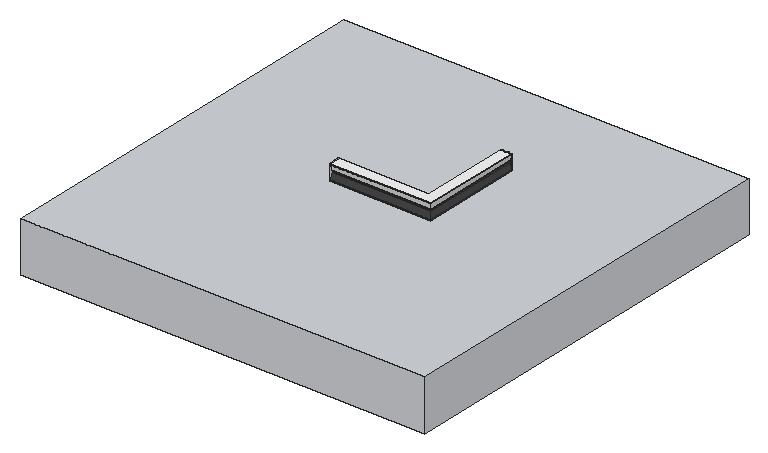
Revit family "en-halla-sant-corner-surfacerfa", category Осветительные приборы, Revit 2017
Family settings
  Основа = Грань
  Размер круглого соединителя = Использовать диаметр
  Тип детали = Нормальный
  Номер OmniClass = 23.80.70.11.11
  Заголовок OmniClass = General Luminaries, Non Directional
  При загрузке вырезать с полостями = Нет
  Источник света = Нет
  Общий = Нет
  Точка расчета площади = Нет
Parameters
  Profile width = 66 mm  # constant formula
  Shape thickness = 4 mm  # constant formula
  Полная установленная мощность = Power input  # 84 VA
  Youtube clip = ""
  Weight Net (Kg) = "0"
  Изготовитель = "HALLA"  # constant formula
  Default Elevation = 0 mm
  Voltage = ""
  Uniclass 2.0 Description = "Luminaires And Lamps"
  Uniclass 2.0 Code = "PR-49"
  Uniclass 1.4 Description = "Luminaires and lamps"
  Uniclass 1.4 Code = "JY73"
  URL = "http://www.halla.cz"
  UNSPSC Code = "3911"
  Technical description = ""
  Switched on [instance] = yes
  Switched off [instance] = not(Switched on)  # no
  Joint [instance] = not([Accessory - left end cap])  # no
  Source used = ""
  Source type = ""
  Shape of luminaire = ""
  Region South America = "All"
  Region Oceania = "All"
  Region North America = "All"
  Region Middle East = "All"
  Region Europe = "All"
  Region Asia = "All"
  Region Antarctica = "All"
  Region Africa = "All"
  QR code = "http://file-system.ru/catalog/zdaniya_i_sooruzheniya/interer/osveshchenie/halla_sant_svetilnik_uglovoy/"
  Accessory - right end cap [instance] = yes
  Accessory - left end cap [instance] = yes
  Accessory - end cap [instance] = SANT accessory - end cap : 132-0003, B - black
  Protection class = ""
  Product group = "Sant"
  Product family = "Indoor Luminaires"
  Product data url = ""
  Product code = ""
  Product certification = ""
  Product URL = ""
  Product SKU = "sant_corner"
  Price (EUR) = 0
  Power input = 84 W
  Description = ""
  Optics type = ""
  Connection distance = 14 mm  # constant formula
  Number of sources = 1
  Nominal width = "604.00"
  Nominal height = "92.00"
  NBS Reference Description = "Luminaires And Lamps"
  NBS Reference Code = "49"
  Model = ""
  Material secondary = ""
  Material of luminaire = "Hliník"
  Material main = "Aluminium"
  Manufacturer name = "HALLA"
  Manufacturer country = "Czech Republic"
  Lighting width = 610 mm
  Lighting length = 610 mm
  Lighting height = 92 mm
  Lighting dimensions = ""
  LED source = yes
  Installation instructions = ""
  Installation instruction = ""
  Initial intensity = ""
  Initial colour = ""
  IP Code = ""
  IFC Classification = "Light Fixture"
  Frequency = ""
  Energy class = ""
  Electric potential = 230 V  # constant formula
  Код по классификатору = "D5020230"
  Edition number = "1"
  EAN code = ""
  EAN = ""
  Lighting surface length = Lighting length - 2 * Shape thickness  # 602 mm
  Distribution = ""
  Designer = ""
  Design country = "Czech Republic"
  Depth = "604.00"
  Date of publishing = "2014-12-15"
  Data sheet = ""
  Control gear option = ""
  Colour of luminaire = Aluminium - black
  COBIe Type Category = ""
Reference planes
  plane 1 "Střed (vpředu/vzadu)": y = 0
  plane 2: z = 0
  plane 3 "Střed (vlevo/vpravo)": x = 0
  plane 4 "BP_Světlo spodní": z = 5
  plane 5 "BP_Světlo horní": z = 97
  plane 6: x = -307
  plane 7: x = 307
  plane 8 "BP_Zdroj světla": z = 51
  plane 9 "BP_Napojení horní": y = 33
  plane 10: y = -33
  plane 11: x = -303
  plane 12 "Spoj": z = 9
  plane 13: y = 577
  plane 14: y = 581
  plane 15: x = 241
  plane 16: x = 274
Forms (mm)
  Extrusion 1, solid
    sketch origin (0, 0, 0) x (1, 0, 0) y (0, 1, 0)
      loop
        line (-1219.2, 1219.2) -> (-1219.2, -1219.2) -> (1219.2, -1219.2) -> (1219.2, 1219.2) -> (-1219.2, 1219.2)
    from 0 to -304.8
  Sweep 2, solid, material "Diffuser - light switched on", visible <- "Switched off"
    path origin (0, 222.5, 97) x (0, 1, 0) y (-1, 0, 0)
      loop
        line (-255.5, 303) -> (-255.5, -307) -> (354.5, -307)
    profile origin (2, -33, 97) x (0, 1, 0) y (0, 0, 1)
      loop
        line (0, -4.001) -> (13.407, -39.396)
        arc (13.407, -39.396) -> (14.282, -42.644) -> (14.5, -46) r 17.01
        line (14.5, -46) -> (51.5, -46)
        arc (51.5, -46) -> (51.718, -42.644) -> (52.593, -39.396) r 17.01
        line (52.593, -39.396) -> (66, -4.001) -> (66, 0) -> (0, 0) -> (0, -4.001)
  Sweep 3, solid, material "Diffuser - light switched off", visible <- "Switched on"
    path origin (0, 222.5, 97) x (0, 1, 0) y (-1, 0, 0)
      loop
        line (-255.5, 303) -> (-255.5, -307) -> (354.5, -307)
    profile origin (2, -33, 97) x (0, 1, 0) y (0, 0, 1)
      loop
        line (0, -4.001) -> (13.407, -39.396)
        arc (13.407, -39.396) -> (14.282, -42.644) -> (14.5, -46) r 17.01
        line (14.5, -46) -> (51.5, -46)
        arc (51.5, -46) -> (51.718, -42.644) -> (52.593, -39.396) r 17.01
        line (52.593, -39.396) -> (66, -4.001) -> (66, 0) -> (0, 0) -> (0, -4.001)
  Sweep 4, solid, material "Aluminium - black" <- "Colour of luminaire"
    path origin (0, 222.5, 97) x (0, 1, 0) y (-1, 0, 0)
      loop
        line (-255.5, 303) -> (-255.5, -307) -> (354.5, -307)
    profile origin (2, -33, 97) x (0, 1, 0) y (0, 0, 1)
      loop
        line (13.282, -51.817) -> (0, -88) -> (0, -92) -> (66, -92) -> (66, -88) -> (52.718, -51.817)
        arc (52.718, -51.817) -> (51.897, -48.953) -> (51.5, -46) r 20.5
        line (51.5, -46) -> (14.5, -46)
        arc (14.5, -46) -> (14.103, -48.953) -> (13.282, -51.817) r 20.5
Dimensions and locks
  equal spacing: plane 6, plane 3 "Střed (vlevo/vpravo)", plane 7
  "Shape thickness": plane 6 to plane 11
  "Profile width": plane 9 "BP_Napojení horní" to plane 10
  equal spacing: plane 5 "BP_Světlo horní", plane 8 "BP_Zdroj světla", plane 4 "BP_Světlo spodní"
  locked: plane 4 "BP_Světlo spodní" to Extrusion 1 at 5
  "Lighting height": plane 5 "BP_Světlo horní" to plane 4 "BP_Světlo spodní"
  connector elem to plane 1 "Střed (vpředu/vzadu)" = 62.913 mm
  plane 12 "Spoj" to plane 4 "BP_Světlo spodní" = 4 mm
  "Lighting length": plane 11 to plane 7
  "Shape thickness": plane 14 to plane 13
  "Profile width": plane 15 to plane 7
  equal spacing: plane 15, plane 16, plane 7
  aligned and locked: plane 2 to Extrusion 1
  aligned and locked: level to Extrusion 1
  aligned and locked: plane 11 to nested 1
  aligned and locked: nested 1 to plane 1 "Střed (vpředu/vzadu)"
  aligned and locked: plane 16 to nested 2
  aligned and locked: plane 16 to nested 6
  aligned and locked: plane 1 "Střed (vpředu/vzadu)" to nested 6
Automatic sketch dimensions
  Extrusion 1 sketch curve to Extrusion 1 sketch curve = 2438.4 mm  (x2)
  Sweep 2 sketch curve to plane 7 = 0 mm
  Sweep 2 sketch curve to plane 10 = 0 mm
  Sweep 2 sketch curve to plane 13 = 0 mm
  Sweep 2 sketch curve to plane 11 = 0 mm
  Sweep 2 sketch curve to plane 5 "BP_Světlo horní" = 0 mm
  Sweep 2 sketch curve to profile plane = 0 mm
  profile plane to Sweep 2 sketch curve = 2.5 mm
  Sweep 2 sketch curve to profile plane = 13.407 mm
  Sweep 2 sketch curve to Sweep 2 sketch curve = 1.093 mm  (x2)
  Sweep 2 sketch curve to Sweep 2 sketch curve = 37 mm
  Sweep 2 sketch curve to plane 5 "BP_Světlo horní" = 39.396 mm
  Sweep 2 sketch curve to Sweep 2 sketch curve = 13.407 mm
  Sweep 2 sketch curve to Sweep 2 sketch curve = 17 mm
  Sweep 2 sketch curve to Sweep 2 sketch curve = 0 mm
  Sweep 2 sketch curve to Sweep 2 sketch curve = 6.025 mm
  Sweep 2 sketch curve to Sweep 2 sketch curve = 4.001 mm  (x2)
  Sweep 3 sketch curve to plane 7 = 0 mm
  Sweep 3 sketch curve to plane 10 = 0 mm
  Sweep 3 sketch curve to plane 13 = 0 mm
  Sweep 3 sketch curve to plane 11 = 0 mm
  Sweep 3 sketch curve to plane 5 "BP_Světlo horní" = 0 mm
  Sweep 3 sketch curve to profile plane = 0 mm
  profile plane to Sweep 3 sketch curve = 2.5 mm
  Sweep 3 sketch curve to profile plane = 13.407 mm
  Sweep 3 sketch curve to Sweep 3 sketch curve = 1.093 mm  (x2)
  Sweep 3 sketch curve to Sweep 3 sketch curve = 37 mm
  Sweep 3 sketch curve to plane 5 "BP_Světlo horní" = 39.396 mm
  Sweep 3 sketch curve to Sweep 3 sketch curve = 13.407 mm
  Sweep 3 sketch curve to Sweep 3 sketch curve = 15.907 mm
  Sweep 3 sketch curve to Sweep 3 sketch curve = 0 mm
  Sweep 3 sketch curve to Sweep 3 sketch curve = 6.025 mm
  Sweep 3 sketch curve to Sweep 3 sketch curve = 4.001 mm  (x2)
  Sweep 4 sketch curve to plane 7 = 0 mm
  Sweep 4 sketch curve to plane 10 = 0 mm
  Sweep 4 sketch curve to plane 13 = 0 mm
  Sweep 4 sketch curve to plane 11 = 0 mm
  Sweep 4 sketch curve to profile plane = 0 mm
  profile plane to Sweep 4 sketch curve = 5.962 mm
  Sweep 4 sketch curve to profile plane = 13.282 mm
  Sweep 4 sketch curve to Sweep 4 sketch curve = 1.218 mm  (x2)
  Sweep 4 sketch curve to Sweep 4 sketch curve = 37 mm
  Sweep 4 sketch curve to Sweep 4 sketch curve = 13.282 mm
  Sweep 4 sketch curve to Sweep 4 sketch curve = 19.244 mm
  Sweep 4 sketch curve to plane 5 "BP_Světlo horní" = 92 mm
  Sweep 4 sketch curve to Sweep 4 sketch curve = 4 mm  (x2)
  Sweep 4 sketch curve to Sweep 4 sketch curve = 36.183 mm  (x2)
  Sweep 4 sketch curve to Sweep 4 sketch curve = 5.817 mm
Nested families
  nested 1: "SANT accessory - end cap" at (-303, 0, 0) x (-1, 0, 0) z (0, 0, 1), type <- "Accessory - end cap", visible <- "Accessory - left end cap", type "132-0003, B - black"
    with Výška zavěšení 5 mm
  nested 2: "SANT accessory - end cap" at (274, 577, 0) x (0, 1, 0) z (0, 0, 1), visible <- "Accessory - right end cap", type <- "Accessory - end cap", type "132-0003, B - black"
    with Výška zavěšení 5 mm
  nested 3: "SANT accessory - direct joint" at (-303, 0, 9), visible <- "Joint", type "132-0009, F"
  nested 4: "SANT - source" at (2, 0, 97.1) x (0, 1, 0) z (0, 0, 1), type "SANT - source"
  nested 5: "SANT - source" at (274, 272, 97.1), type "SANT - source"
  nested 6: "SANT accessory - wall fastening" at (274, 0, 0), type "132-0005, F"
Connectors
  electrical at (274.185, 62.913, 0), driven by "Полная установленная мощность", driven by "Electric potential", driven by "Полная установленная мощность"
    settings: index 1, voltage 230 V, apparent load 84 VA, apparent load phase1 84 VA, apparent load phase2 0 VA, apparent load phase3 0 VA, power factor 1, load classification "Osvětlení", number of poles 1, system type 30, power factor state 0, is connector primary yes, connector utility no, sub classification motor no, connector description ""
Definition of nested family "SANT accessory - end cap"
  Parameters
    Výška zavěšení [instance] = 500 mm
    Manufacturer = "HALLA"  # constant formula
    Default Elevation = 0 mm
    URL = "http.//www.halla.cz"
    Description = ""
    Model = ""
    Assembly Code = "D5020200"
    Keynote = ""
    Barva svítidla = none
  Reference planes
    plane 1 "Střed (vpředu/vzadu)": y = 0
    plane 2: z = 0
    plane 3 "Střed (vlevo/vpravo)": x = 0
    plane 4: z = 500
    plane 5: z = 592
    plane 6: x = 4
  Forms (mm)
    Extrusion 1, solid, material <- "Barva svítidla"
      sketch origin (0, 0, 0) x (0, 1, 0) y (0, 0, 1)
        loop
          line (0, 592) -> (-33, 592) -> (-33, 500) -> (33, 500) -> (33, 592) -> (0, 592)
      from 0 to 4
    Sweep 2, void
      path in 3D
        loop
          line (4, -33, 500) -> (4, 33, 500) -> (4, 33, 592) -> (4, 0, 592) -> (4, -33, 592) -> (4, -33, 500)
      profile "Profil_čtvrtkruhový_XF : Profil_čtvrtkruhový_XF" origin (4, -33, 546) x (0, 1, 0) y (1, 0, 0)
        loop
          line (0, 0) -> (0, -4)
          arc (0, -4) -> (1.172, -1.172) -> (4, 0) r 4
          line (4, 0) -> (0, 0)
  Cuts and joins
    Sweep 2 cuts Extrusion 1
  Lines and regions (mm)
    sketch lines
      curve 1: line (4, -33, 592) -> (4, -33, 500)
      curve 2: line (4, 0, 592) -> (4, -33, 592)
      curve 3: line (4, -33, 500) -> (4, 33, 500)
      curve 4: line (4, 33, 500) -> (4, 33, 592)
      curve 5: line (4, 33, 592) -> (4, 0, 592)
  Dimensions and locks
    "Výška zavěšení": plane 4 to level
    plane 5 to plane 4 = 92 mm
    aligned and locked: level to plane 2
    aligned and locked: Extrusion 1 to plane 6
  Automatic sketch dimensions
    Extrusion 1 sketch curve to plane 4 = 0 mm
    Extrusion 1 sketch curve to plane 1 "Střed (vpředu/vzadu)" = 0 mm
    Extrusion 1 sketch curve to plane 5 = 0 mm
    plane 1 "Střed (vpředu/vzadu)" to Extrusion 1 sketch curve = 33 mm
    Extrusion 1 sketch curve to plane 1 "Střed (vpředu/vzadu)" = 33 mm
Definition of nested family "SANT accessory - direct joint"
  Parameters
    Manufacturer = "HALLA"  # constant formula
    Default Elevation = 0 mm
    URL = "http.//www.halla.cz"
    Description = ""
    Model = ""
    Assembly Code = "D5020200"
    Keynote = ""
    Barva svítidla = none
  Reference planes
    plane 1 "Střed (vpředu/vzadu)": y = 0
    plane 2: z = 0
    plane 3 "Střed (vlevo/vpravo)": x = 0
    plane 4: y = -2.001
    plane 5: y = 2.001
  Forms (mm)
    Extrusion 1, solid
      sketch origin (0, 0, 0) x (1, 0, 0) y (0, 1, 0)
        loop
          line (-20.046, 10.047) -> (-20.046, -10.047) -> (20.046, -10.047) -> (20.046, 10.047) -> (-20.046, 10.047)
      from 0 to 2
  Dimensions and locks
    aligned and locked: level to plane 2
Definition of nested family "SANT accessory - wall fastening"
  Parameters
    Manufacturer = "HALLA"  # constant formula
    Default Elevation = 0 mm
    URL = "http.//www.halla.cz"
    Description = ""
    Model = ""
    Assembly Code = "D5020200"
    Keynote = ""
    Barva svítidla = none
  Reference planes
    plane 1 "Střed (vpředu/vzadu)": y = 0
    plane 2: z = 0
    plane 3 "Střed (vlevo/vpravo)": x = 0
  Forms (mm)
    Extrusion 1, solid
      sketch origin (0, 0, 0) x (1, 0, 0) y (0, 1, 0)
        loop
          line (-20.046, 10.047) -> (-20.046, -10.047) -> (20.046, -10.047) -> (20.046, 10.047) -> (-20.046, 10.047)
      from 0 to 5
  Dimensions and locks
    aligned and locked: level to plane 2
Definition of nested family "SANT - source"
  Parameters
    Tilt Angle = -90.00°
    Photometric Web File = "SANT_LED 12.4W830.ies"
    Wattage = 9.76155 W
    built-in parameter 1150110 = 1 (stored number, unit not read)
    Emit from Rectangle Width = 609.6 mm
    Emit from Rectangle Length = 1219.2 mm
    Emit Shape Visible in Rendering = no
    built-in parameter 1114217 = 1 (stored number, unit not read)
    built-in parameter 1150109 = 1 (stored number, unit not read)
    built-in parameter 1150134 = (empty or 0)
    built-in parameter 1150113 = 1 (stored number, unit not read)
    Lumens = 1450 lm
    built-in parameter 1150115 = 1 (stored number, unit not read)
    built-in parameter 1150105 = 270.81 (stored number, unit not read)
    built-in parameter 1150137 = (empty or 0)
    built-in parameter 1150139 = (empty or 0)
    built-in parameter 1150112 = 1 (stored number, unit not read)
    built-in parameter 1150114 = 1 (stored number, unit not read)
    built-in parameter 1150132 = 2
    built-in parameter 1150102 = (empty or 0)
    built-in parameter 1150138 = (empty or 0)
    built-in parameter 1150107 = 3000 (stored number, unit not read)
    built-in parameter 1150106 = 2.7081 (stored number, unit not read)
    built-in parameter 1150104 = 13.8 (stored number, unit not read)
    Dimming Lamp Color Temperature Shift = (empty or 0)
    Color Filter = 16777215
    built-in parameter 1114218 = 1 (stored number, unit not read)
    built-in parameter 1150133 = 10 (stored number, unit not read)
  Reference planes
    plane 1 "Osa světelného zdroje (přední/zadní)": y = 0
    plane 2: z = 0
    plane 3 "Osa světelného zdroje (levá/pravá)": x = 0
    plane 4 "Výška světelného zdroje": z = 0
  Dimensions and locks
    aligned and locked: plane 3 "Osa světelného zdroje (levá/pravá)" to imposter light
    aligned and locked: plane 1 "Osa světelného zdroje (přední/zadní)" to imposter light
    aligned and locked: plane 4 "Výška světelného zdroje" to imposter light
    aligned and locked: level to plane 2
